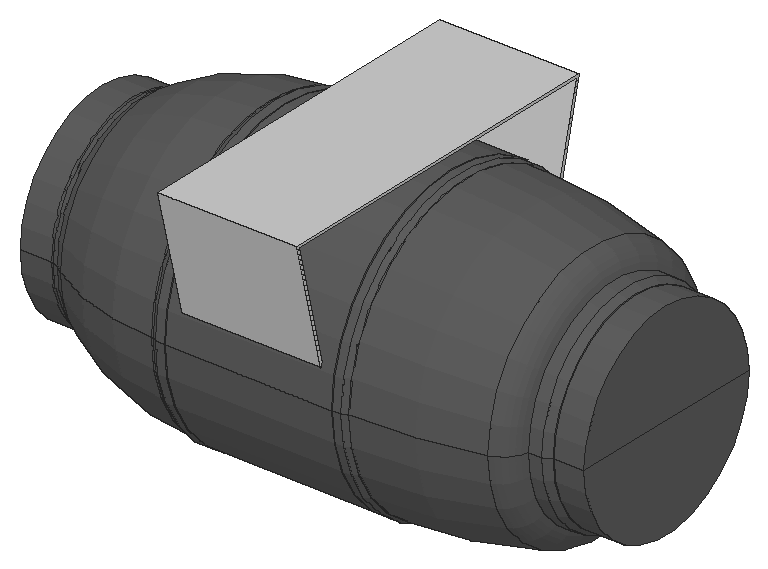
Revit family "AVS 200", category Mechanical Equipment, Revit 2023
Family settings
  Round Connector Dimension = Use Diameter
  Classification = None
  Part Type = Breaks Into
  OmniClass Number = 23.75.35.17.11
  OmniClass Title = Fans for Air Ductwork
  Work Plane-Based = No
  Always vertical = No
  Cut with Voids When Loaded = No
  Maintain Annotation Orientation = No
  Shared = No
  Room Calculation Point = No
Parameters (values of type "Aventa Silent AVS200")
  Weight = 8.00 kg
  Voltage = 230 V
  URL = "https://www.airflow.com/"
  Type Comments = "Inline fan single speed up to 1020m3/h"
  Transported Air Temperature (°C) = "-25...+60"
  RPM (min-1) = 2445
  R1 = D1 / 2  # 146.5 mm
  Protection rating = "IPX4"
  Power Factor = 1
  Number of Poles = 1
  Noise Level at 3 m (dBa) = 36
  Mounting Hanger [instance] = yes
  Maintenance Zone Length Calc = if(Maintenance Zone Length < L, L, Maintenance Zone Length)  # 600 mm
  L27 = 9 mm
  L26 = 6 mm
  L25 = L21 - L22 - L23 - L24 - L26 - L27  # 122 mm
  L24 = 21 mm
  L21 = 179 mm
  L17 = 9 mm
  L16 = 6 mm
  L15 = L11 - L12 - L13 - L14 - L16 - L17  # 116 mm
  L14 = 10 mm
  L11 = 148 mm
  HangerW = 135 mm
  HangerL1 = 275 mm
  HangerL = 344 mm
  HangerH = HangerBaseH  # 149 mm
  HangerExtraL = no
  HangerBaseH = 149 mm
  Model = "Aventa Silent AVS200"
  Manufacturer = "Vents"
  Maintenance Zone Width = 600 mm
  Maintenance Zone Material = Maintenance Zone
  Maintenance Zone Length = 600 mm
  Maintenance Zone Height = 600 mm
  Maintenance Zone [instance] = no
  Load Classification = HVAC
  L23 = 13 mm
  L22 = 8 mm
  L2 = 30 mm
  L13 = 4 mm
  L12 = 3 mm
  L1 = 30 mm
  L = 550 mm
  Hanger Material = Metal Zinc
  Flow direction symbol [instance] = yes
  Flow Factor [instance] = 1  # constant formula
  Family Version = "1.0"  # constant formula
  ElBoxW = 104 mm
  ElBoxR = 15 mm  # constant formula
  ElBoxL = 104 mm
  ElBoxH = 53 mm
  Distribution Box Material = Distribution Box Dark Grey
  Description = "Inline mixed-flow fan suitable for domestic and light commercial facilities"
  Default Elevation = 0 mm
  Dd26 = 44 mm
  Dd24 = 27 mm
  Dd22 = 4 mm
  Dd23 = 5 mm
  Dd16 = 44 mm
  Dd14 = 9 mm
  Dd13 = 2 mm
  Dd12 = 1 mm
  D1 = 293 mm
  D = 200 mm
  Copyright = "©Airflow"
  Duct Connection Size = 200 mm
  Fan Material = Metal Black
  Maximum Air Flow = 1020 m³/h
  Air Flow [instance] = 0 m³/h
  Power = 110 W
  Current = 0.49 A
  Apparent Power = Power / Power Factor  # 110 VA
Types (6, lengths in mm): name | Weight | URL | Type Comments | RPM (min-1) | R1 | Noise Level at 3 m (dBa) | Maintenance Zone Length Calc | L27 | L25 | L24 | L21 | L17 | L15 | L11 | HangerW | HangerL1 | HangerL | HangerH | HangerBaseH | Model | L2 | L13 | L12 | L1 | L | Description | Dd26 | Dd24 | Dd22 | Dd23 | Dd16 | Dd14 | D1 | D | Copyright | Duct Connection Size | Maximum Air Flow | Power | Current | Apparent Power
  TT Silent-M 200 (min) | 8.00 kg | "https://ventilation-system.com/product/tt-silentm-200" | "Inline mixed-flow fan TT Silent-M 200" | 2015 | 146.5 | 31 | 600 | 9 | 122 | 21 | 179 | 9 | 116 | 148 | 135 | 275 | 344 | 149 | 149 | "TT Silent-M 200" | 30 | 4 | 3 | 30 | 550 | "Inline mixed-flow fan in sound- and heat-insulated casing for round ducts" | 44 | 27 | 4 | 5 | 44 | 9 | 293 | 200 | "©Vents" | 200 | 810 m³/h | 78 W | 0.35 A | 78 VA
  Aventa Silent AVS200 | 8.00 kg | "https://www.airflow.com/" | "Inline fan single speed up to 1020m3/h" | 2445 | 146.5 | 36 | 600 | 9 | 122 | 21 | 179 | 9 | 116 | 148 | 135 | 275 | 344 | 149 | 149 | "Aventa Silent AVS200" | 30 | 4 | 3 | 30 | 550 | "Inline mixed-flow fan suitable for domestic and light commercial facilities" | 44 | 27 | 4 | 5 | 44 | 9 | 293 | 200 | "©Airflow" | 200 | 1020 m³/h | 110 W | 0.49 A | 110 VA
  TT Silent-M 250 (min) | 15.00 kg | "https://ventilation-system.com/product/tt-silentm-250" | "Inline mixed-flow fan TT Silent-M 250" | 1955 | 179 | 34 | 658 | 9 | 159 | 23 | 218 | 9 | 144 | 176 | 150 | 332 | 402 | 182 | 182 | "TT Silent-M 250" | 32 | 4 | 3 | 32 | 658 | "Inline mixed-flow fan in sound- and heat-insulated casing for round ducts" | 52 | 30 | 5 | 6 | 52 | 6 | 358 | 250 | "©Vents" | 250 | 1110 m³/h | 125 W | 0.54 A | 125 VA
  TT Silent-M 250 (max) | 15.00 kg | "https://ventilation-system.com/product/tt-silentm-250" | "Inline mixed-flow fan TT Silent-M 250" | 2440 | 179 | 38 | 658 | 9 | 159 | 23 | 218 | 9 | 144 | 176 | 150 | 332 | 402 | 182 | 182 | "TT Silent-M 250" | 32 | 4 | 3 | 32 | 658 | "Inline mixed-flow fan in sound- and heat-insulated casing for round ducts" | 52 | 30 | 5 | 6 | 52 | 6 | 358 | 250 | "©Vents" | 250 | 1400 m³/h | 177 W | 0.79 A | 177 VA
  TT Silent-M 315 (min) | 25.00 kg | "https://ventilation-system.com/product/tt-silentm-315" | "Inline mixed-flow fan TT Silent-M 315" | 1890 | 216 | 36 | 780 | 10 | 154 | 27 | 218 | 10 | 153 | 195 | 200 | 396 | 478 | 219 | 219 | "TT Silent-M 315" | 32 | 8 | 8 | 32 | 780 | "Inline mixed-flow fan in sound- and heat-insulated casing for round ducts" | 52 | 30 | 5 | 6 | 55 | 6 | 432 | 315 | "©Vents" | 315 | 1570 m³/h | 230 W | 1 A | 230 VA
  TT Silent-M 315 (max) | 25.00 kg | "https://ventilation-system.com/product/tt-silentm-315" | "Inline mixed-flow fan TT Silent-M 315" | 2430 | 216 | 40 | 780 | 10 | 154 | 27 | 218 | 10 | 153 | 195 | 200 | 396 | 478 | 219 | 219 | "TT Silent-M 315" | 32 | 8 | 8 | 32 | 780 | "Inline mixed-flow fan in sound- and heat-insulated casing for round ducts" | 52 | 30 | 5 | 6 | 55 | 6 | 432 | 315 | "©Vents" | 315 | 2050 m³/h | 320 W | 1.42 A | 320 VA
Reference planes
  plane 1 "Center (Front/Back)": y = 0
  plane 2: z = 0
  plane 3 "Center (Left/Right)": x = 0
  plane 4: y = 100
  plane 5: y = -100
  plane 6: y = 146.5
  plane 7: y = -146.5
  plane 8: x = 550
  plane 9 "C": x = 341
  plane 10: x = 178
  plane 11 "CenterL": x = 275
  plane 12: x = 30
  plane 13: x = 169
  plane 14: y = 101
  plane 15 "CenterOfCentralPart": x = 259.5
  plane 16 "ElBoxHeight": z = -53
  plane 17 "HangerHeight": z = 149
  plane 18: y = 102
  plane 19: y = 109
  plane 20: x = 47
  plane 21: x = 37
  plane 22: x = 33
  plane 23: x = 163
  plane 24: y = 144
  plane 25: x = 164
  plane 26: x = 350
  plane 27: y = 104
  plane 28: y = 105
  plane 29: y = 127
  plane 30: x = 478
  plane 31: x = 499
  plane 32: x = 512
  plane 33: x = 356
  plane 34: y = 144
  plane 35: x = 355
  plane 36: x = 520
Forms (mm)
  Revolve 1, solid, material "Metal Black" <- "Fan Material", detail levels medium+fine
    sketch origin (368, 0, 0) x (1, 0, 0) y (0, 1, 0)
      loop
        line (-338, 0) -> (-190, 0) -> (-190, 146.5) -> (-199, 146.5) -> (-204, 144) -> (-205, 144)
        arc (-205, 144) -> (-265.583, 135.059) -> (-321, 109) r 209.729
        arc (-321, 109) -> (-326.027, 105.538) -> (-331, 102) r 402.771
        line (-331, 102) -> (-335, 101) -> (-338, 100) -> (-338, 0)
      axis (-190, 0) -> (-338, 0)
    angle from 0 to 360
  Revolve 2, solid, material "Metal Black" <- "Fan Material", detail levels medium+fine
    sketch origin (368, 0, 0) x (1, 0, 0) y (0, 1, 0)
      loop
        line (152, 100) -> (152, 0) -> (182, 0) -> (182, 100) -> (152, 100)
      axis (182, 0) -> (152, 0)
    angle from 0 to 360
  Revolve 3, solid, material "Metal Black" <- "Fan Material", detail levels medium+fine
    sketch origin (368, 0, 0) x (1, 0, 0) y (0, 1, 0)
      loop
        line (-368, 100) -> (-368, 0) -> (-338, 0) -> (-338, 100) -> (-368, 100)
      axis (-338, 0) -> (-368, 0)
    angle from 0 to 360
  Revolve 4, solid, material "Metal Black" <- "Fan Material", detail levels medium+fine
    sketch origin (0, 0, 0) x (1, 0, 0) y (0, 1, 0)
      loop
        line (178, 146.5) -> (178, 0) -> (341, 0) -> (341, 146.5) -> (178, 146.5)
      axis (178, 0) -> (341, 0)
    angle from 0 to 360
  Revolve 5, solid, material "Metal Black" <- "Fan Material", detail levels medium+fine
    sketch origin (117, 0, 0) x (-1, 0, 0) y (0, 1, 0)
      loop
        line (-403, 0) -> (-224, 0) -> (-224, 146.5) -> (-233, 146.5) -> (-238, 144) -> (-239, 144)
        arc (-239, 144) -> (-300.589, 139.73) -> (-361, 127) r 446.265
        arc (-361, 127) -> (-374.496, 118.859) -> (-382, 105) r 29.992
        line (-382, 105) -> (-395, 104) -> (-403, 100) -> (-403, 0)
      axis (-224, 0) -> (-403, 0)
    angle from 0 to 360
Cuts and joins
  joined: Revolve 1, Revolve 3
Dimensions and locks
  equal spacing: plane 4, plane 1 "Center (Front/Back)", plane 5
  "D": plane 4 to plane 5
  equal spacing: plane 7, plane 1 "Center (Front/Back)", plane 6
  "D1": plane 6 to plane 7
  "L": plane 3 "Center (Left/Right)" to plane 8
  equal spacing: plane 3 "Center (Left/Right)", plane 11 "CenterL", plane 8
  "L1": plane 3 "Center (Left/Right)" to plane 12
  "Dd12": plane 14 to plane 4
  equal spacing: plane 10, plane 15 "CenterOfCentralPart", plane 9 "C"
  "ElBoxH": level to plane 16 "ElBoxHeight"
  "HangerBaseH": plane 17 "HangerHeight" to level
  "Dd13": plane 18 to plane 4
  "Dd14": plane 19 to plane 4
  "L11": plane 12 to plane 10
  "L12": plane 12 to plane 22
  "L13": plane 22 to plane 21
  "L14": plane 21 to plane 20
  "L17": plane 13 to plane 10
  "L16": plane 23 to plane 13
  "Dd16": plane 24 to plane 4
  locked: plane 23 to plane 25 at 1
  "L23": plane 32 to plane 31
  "L24": plane 31 to plane 30
  "L26": plane 33 to plane 26
  locked: plane 33 to plane 35 at 1
  "L2": plane 36 to plane 8
  "L21": plane 9 "C" to plane 36
  "L22": plane 32 to plane 36
  "L27": plane 9 "C" to plane 26
  "Dd22": plane 27 to plane 4
  "Dd23": plane 28 to plane 4
  "Dd24": plane 29 to plane 4
  "Dd26": plane 34 to plane 4
  locked: plane 15 "CenterOfCentralPart" to nested 6
  aligned and locked: level to plane 2
  aligned and locked: Revolve 2 sketch curve to plane 4
  aligned and locked: Revolve 2 sketch curve to plane 8
  aligned and locked: Revolve 2 sketch curve to plane 1 "Center (Front/Back)"
  aligned and locked: Revolve 3 sketch curve to plane 4
  aligned and locked: Revolve 3 sketch curve to plane 1 "Center (Front/Back)"
  aligned and locked: plane 3 "Center (Left/Right)" to Revolve 3 sketch curve
  aligned and locked: plane 1 "Center (Front/Back)" to nested 1
  aligned and locked: nested 2 to level
  aligned and locked: plane 1 "Center (Front/Back)" to nested 3
  aligned and locked: nested 3 to plane 3 "Center (Left/Right)"
  aligned and locked: plane 1 "Center (Front/Back)" to nested 4
  aligned and locked: Revolve 4 sketch curve to plane 6
  aligned and locked: Revolve 4 sketch curve to nested 4
  aligned and locked: Revolve 4 sketch curve to Revolve 4 sketch curve  (x2)
  aligned and locked: plane 11 "CenterL" to nested 4
  aligned and locked: Revolve 4 sketch curve to plane 9 "C"
  aligned and locked: plane 15 "CenterOfCentralPart" to nested 1
  aligned and locked: plane 15 "CenterOfCentralPart" to nested 2
  aligned and locked: nested 5 to plane 1 "Center (Front/Back)"
  aligned and locked: plane 15 "CenterOfCentralPart" to nested 5
  aligned and locked: Revolve 1 sketch curve to plane 1 "Center (Front/Back)"
  aligned and locked: plane 4 to Revolve 1 sketch curve
  aligned and locked: plane 1 "Center (Front/Back)" to Revolve 1 sketch curve
  aligned and locked: Revolve 1 sketch curve to plane 6
  aligned and locked: plane 25 to Revolve 1 sketch curve
  aligned and locked: plane 24 to Revolve 1 sketch curve
  aligned and locked: Revolve 5 sketch curve to plane 35
  aligned and locked: Revolve 5 sketch curve to plane 34
  aligned and locked: Revolve 2 to plane 36
Automatic sketch dimensions
  plane 1 "Center (Front/Back)" to Revolve 2 sketch curve = 0 mm
  Revolve 2 sketch curve to plane 8 = 30 mm
  Revolve 2 sketch curve to plane 3 "Center (Left/Right)" = 1632 mm
  Revolve 2 sketch curve to Revolve 2 sketch curve = 2138 mm
  plane 1 "Center (Front/Back)" to Revolve 3 sketch curve = 0 mm
  Revolve 3 sketch curve to plane 12 = 0 mm
  Revolve 3 sketch curve to plane 3 "Center (Left/Right)" = 1646 mm
  plane 8 to Revolve 3 sketch curve = 2149 mm
  Revolve 4 sketch curve to plane 10 = 0 mm
  Revolve 4 sketch curve to plane 11 "CenterL" = 0 mm
  Revolve 1 sketch curve to plane 12 = 0 mm
  Revolve 1 sketch curve to plane 14 = 0 mm
  Revolve 1 sketch curve to plane 22 = 0 mm
  Revolve 1 sketch curve to plane 18 = 0 mm
  Revolve 1 sketch curve to plane 21 = 0 mm
  Revolve 1 sketch curve to plane 19 = 0 mm
  Revolve 1 sketch curve to plane 20 = 0 mm
  Revolve 1 sketch curve to plane 23 = 0 mm
  Revolve 1 sketch curve to plane 13 = 0 mm
  Revolve 1 sketch curve to plane 10 = 0 mm
  Revolve 1 sketch curve to plane 11 "CenterL" = 2.053 mm
  Revolve 1 sketch curve to plane 3 "Center (Left/Right)" = 2000 mm
  plane 8 to Revolve 1 sketch curve = 1495 mm
  plane 1 "Center (Front/Back)" to Revolve 5 sketch curve = 0 mm  (x2)
  Revolve 5 sketch curve to plane 36 = 0 mm
  Revolve 5 sketch curve to plane 27 = 0 mm
  Revolve 5 sketch curve to plane 32 = 0 mm
  Revolve 5 sketch curve to plane 28 = 0 mm
  Revolve 5 sketch curve to plane 31 = 0 mm
  Revolve 5 sketch curve to plane 29 = 0 mm  (x2)
  Revolve 5 sketch curve to plane 30 = 0 mm
  Revolve 5 sketch curve to plane 33 = 0 mm
  Revolve 5 sketch curve to plane 6 = 0 mm
  Revolve 5 sketch curve to plane 26 = 0 mm
  Revolve 5 sketch curve to plane 9 "C" = 0 mm
  Revolve 5 sketch curve to plane 4 = 0 mm
  Revolve 5 sketch curve to plane 8 = 1980 mm
  plane 3 "Center (Left/Right)" to Revolve 5 sketch curve = 1515 mm
Nested families
  nested 1: "GraphicalSymbol_Fun_FlowDirection" at (259.5, 0, 0), visible <- "Flow direction symbol", type "GraphicalSymbol_Fun_FlowDirection", detail levels medium+fine
    with Length 50 mm, Height 50 mm, B 25 mm, A 16.667 mm
  nested 2: "GraphicalSymbol_Fun_FlowDirection" at (259.5, 0, 0) x (1, 0, 0) z (0, -1, 0), type "GraphicalSymbol_Fun_FlowDirection"
    with Length 50 mm, Height 50 mm, B 25 mm, A 16.667 mm
  nested 3: "GraphicalSymbol_Fan_1" at (275, 0, 0), type "GraphicalSymbol_Fan_1", detail levels coarse
    with Diameter 550 mm, A 137.5 mm
  nested 4: "MaintenanceZone_Rect" at (275, 0, 0), visible <- "Maintenance Zone", type "MaintenanceZone_Rect", detail levels medium+fine
    with Maintenance Zone Width 600 mm, Maintenance Zone Length 600 mm, Maintenance Zone Height 600 mm
  nested 5: "MountingHanger" at (259.5, 0, 149) x (0, 1, 0) z (0, 0, -1), visible <- "Mounting Hanger", type "MountingHanger", detail levels medium+fine
    with Width1 108 mm, Width 135 mm, Length2 384 mm, Length 344 mm, Lenght1Calc 275 mm, Length1 275 mm, Height 149 mm
  nested 6: "DistributionBox" at (259.5, -158.992, 96.59) x (1, 0, 0) z (0, -0.9706, -0.2409), type "DistributionBox", not visible, detail levels medium+fine
    with Hcon 26.5 mm, H1 53 mm, ConD 20 mm, ConB 26 mm, ConA 26 mm, B 104 mm, A 104 mm
Connectors
  hvac at (0, 0, 0), driven by "Duct Connection Size", driven by "Air Flow"
    settings: on cut or joined group of Revolve 1, Revolve 3, index 4, duct flow 0 m³/h, flow factor 0, pres drop 0.0 Pa, loss coef 0, conn angle 0.00°, conn width 304.8 mm, conn height 304.8 mm, conn diameter 200 mm, duct sys type 29, conn prof type 0, flow config 0, flow direction 0, loss method 0, conn ref index 5, conn util no, is conn primary yes, conn desc ""
  hvac at (550, 0, 0), driven by "Duct Connection Size"
    settings: on Revolve 2, index 5, duct flow 0 m³/h, flow factor 0, pres drop 0.0 Pa, loss coef 0, conn angle 0.00°, conn width 304.8 mm, conn height 304.8 mm, conn diameter 200 mm, duct sys type 28, conn prof type 0, flow config 0, flow direction 0, loss method 0, conn ref index 4, conn util no, is conn primary no, conn desc ""
  electrical at (259.5, -197.238, 140.675), driven by "Number of Poles", driven by "Load Classification", driven by "Voltage", driven by "Apparent Power", driven by "Power Factor"
    settings: on nested 6, index 7, voltage 230 V, apparent load 110 VA, apparent load phase1 0 VA, apparent load phase2 0 VA, apparent load phase3 0 VA, power factor 1, load classification "HVAC", number of poles 1, system type 30, power factor state 1, is connector primary yes, connector utility no, sub classification motor no, connector description ""
Definition of nested family "MaintenanceZone_Rect"
  Parameters (values of type "MaintenanceZone_Rect")
    Maintenance Zone Width = 500 mm
    Material = none
    Maintenance Zone Length = 1000 mm
    Maintenance Zone Height = 300 mm
    Family Version = ""
    Default Elevation = 1219.2 mm
    Copyright = ""
  Reference planes
    plane 1 "Center (Front/Back)": y = 0
    plane 2: z = 0
    plane 3 "Center (Left/Right)": x = 0
    plane 4: x = -500
    plane 5: x = 500
    plane 6: y = 250
    plane 7: y = -250
    plane 8: z = -300
  Forms (mm)
    Extrusion 1, solid, material <- "Material", detail levels medium+fine
      sketch origin (0, 0, 0) x (1, 0, 0) y (0, 1, 0)
        loop
          line (-500, 250) -> (-500, -250) -> (500, -250) -> (500, 250) -> (-500, 250)
      from 0 to -300
  Lines and regions (mm)
    symbolic lines, detail levels medium+fine
      curve 1: line (-500, 0, 0) -> (500, 0, 0)
      curve 2: line (-500, 0, -300) -> (-500, 0, 0)
      curve 3: line (500, 0, -300) -> (-500, 0, -300)
      curve 4: line (500, 0, 0) -> (500, 0, -300)
      curve 5: line (0, 250, 0) -> (0, -250, 0)
      curve 6: line (0, 250, -300) -> (0, 250, 0)
      curve 7: line (0, -250, -300) -> (0, 250, -300)
      curve 8: line (0, -250, 0) -> (0, -250, -300)
      curve 9: line (-500, 250, 0) -> (500, 250, 0)
      curve 10: line (-500, -250, 0) -> (-500, 250, 0)
      curve 11: line (500, -250, 0) -> (-500, -250, 0)
      curve 12: line (500, 250, 0) -> (500, -250, 0)
  Dimensions and locks
    equal spacing: plane 6, plane 1 "Center (Front/Back)", plane 7
    equal spacing: plane 4, plane 3 "Center (Left/Right)", plane 5
    "Maintenance Zone Width": plane 6 to plane 7
    "Maintenance Zone Length": plane 4 to plane 5
    "Maintenance Zone Height": plane 2 to plane 8
    aligned and locked: level to plane 2
    aligned and locked: Extrusion 1 sketch curve to plane 6
    aligned and locked: plane 4 to Extrusion 1 sketch curve
    aligned and locked: plane 7 to Extrusion 1 sketch curve
    aligned and locked: Extrusion 1 sketch curve to plane 5
    aligned and locked: Extrusion 1 to plane 8
    aligned and locked: curve 1 to Extrusion 1
    aligned and locked: curve 2 to Extrusion 1
    aligned and locked: curve 3 to Extrusion 1
    aligned and locked: curve 4 to Extrusion 1
    aligned and locked: curve 5 to Extrusion 1
    aligned and locked: curve 6 to Extrusion 1
    aligned and locked: curve 7 to Extrusion 1
    aligned and locked: curve 8 to Extrusion 1
    aligned and locked: curve 9 to Extrusion 1
    aligned and locked: curve 10 to Extrusion 1
    aligned and locked: curve 11 to Extrusion 1
    aligned and locked: curve 12 to Extrusion 1
Definition of nested family "MountingHanger"
  Parameters (values of type "MountingHanger")
    Width1 = Width * 0.8  # 160 mm
    Width = 200 mm
    Thikness = 2 mm
    Material = none
    Length2 = Length + 20 mm * 2  # 518 mm
    Length = 478 mm
    Lenght1Calc = if(Length1 = Length, Length - 0.5 mm, Length1)  # 396 mm
    Length1 = 396 mm
    Height1 = 10 mm
    Height = 219 mm
    ExtraLength = no
    Default Elevation = 1219.2 mm
  Reference planes
    plane 1 "Center (Front/Back)": y = 0
    plane 2: z = 0
    plane 3 "Center (Left/Right)": x = 0
    plane 4: x = -239
    plane 5: x = 239
    plane 6: y = 100
    plane 7: y = -100
    plane 8: z = 219
    plane 9: x = -198
    plane 10: x = 198
    plane 11: z = 209
    plane 12: y = 80
    plane 13: y = -80
    plane 14: x = -259
    plane 15: x = 259
    plane 16: x = -239
    plane 17: x = 239
  Forms (mm)
    Extrusion 1, solid, material <- "Material"
      sketch origin (0, 0, 0) x (1, 0, 0) y (0, 0, 1)
        loop
          line (-198, 209) -> (-239, 0) -> (239, 0) -> (198, 209) -> (198, 219) -> (196, 219) -> (196, 208.806) -> (236.57, 2) -> (-236.57, 2) -> (-196, 208.806) -> (-196, 219) -> (-198, 219) -> (-198, 209)
      from -100 to 100
    Extrusion 2, solid, material <- "Material", visible <- "ExtraLength"
      sketch origin (0, 0, 0) x (1, 0, 0) y (0, 1, 0)
        loop
          line (-259, 80) -> (-259, -80) -> (-239, -80) -> (-239, 80) -> (-259, 80)
        loop
          line (239, 80) -> (239, -80) -> (259, -80) -> (259, 80) -> (239, 80)
      from 0 to 2
  Dimensions and locks
    equal spacing: plane 4, plane 3 "Center (Left/Right)", plane 5
    "Length": plane 4 to plane 5
    plane 8 to level = 219 mm
    equal spacing: plane 6, plane 1 "Center (Front/Back)", plane 7
    "Width": plane 6 to plane 7
    "Height": plane 8 to level
    "Thikness": Extrusion 1 sketch curve to level
    "Thikness": Extrusion 1 sketch curve to Extrusion 1 sketch curve  (x2)
    "Thikness": Extrusion 1 sketch curve to plane 9
    "Thikness": plane 10 to Extrusion 1 sketch curve
    equal spacing: plane 9, plane 3 "Center (Left/Right)", plane 10
    "Lenght1Calc": plane 9 to plane 10
    "Height1": plane 8 to plane 11
    equal spacing: plane 12, plane 1 "Center (Front/Back)", plane 13
    "Width1": plane 12 to plane 13
    equal spacing: plane 14, plane 3 "Center (Left/Right)", plane 15
    "Length2": plane 14 to plane 15
    "Thikness": Extrusion 2 to level
    equal spacing: plane 16, plane 3 "Center (Left/Right)", plane 17
    "Length": plane 16 to plane 17
    aligned and locked: level to plane 2
    aligned and locked: plane 6 to Extrusion 1
    aligned and locked: Extrusion 1 to plane 7
    aligned and locked: plane 9 to Extrusion 1 sketch curve
    aligned and locked: plane 10 to Extrusion 1 sketch curve
    aligned and locked: Extrusion 2 sketch curve to plane 12  (x2)
    aligned and locked: plane 14 to Extrusion 2 sketch curve
    aligned and locked: plane 13 to Extrusion 2 sketch curve  (x2)
    aligned and locked: Extrusion 2 sketch curve to plane 16
    aligned and locked: plane 17 to Extrusion 2 sketch curve
    aligned and locked: Extrusion 2 sketch curve to plane 15
  Automatic sketch dimensions
    Extrusion 1 sketch curve to level = 0 mm
    Extrusion 1 sketch curve to plane 4 = 0 mm
    Extrusion 1 sketch curve to plane 5 = 0 mm
    Extrusion 1 sketch curve to plane 11 = 0 mm  (x2)
    Extrusion 1 sketch curve to plane 8 = 0 mm  (x2)
Definition of nested family "DistributionBox"
  Parameters (values of type "DistributionBox")
    Hcover = 10 mm
    Hcon = H1 / 2  # 12.5 mm
    H1 = 25 mm
    Distribution Box Material = none
    Default Elevation = 1219.2 mm
    ConD = 12 mm
    ConB = B / 4  # 12.5 mm
    ConA = A / 4  # 12.5 mm
    B = A  # 50 mm
    A = 50 mm
  Reference planes
    plane 1 "Center (Front/Back)": y = 0
    plane 2: z = 0
    plane 3 "Center (Left/Right)": x = 0
    plane 4: x = -25
    plane 5: x = 25
    plane 6 "Back": y = 25
    plane 7 "Front": y = -25
    plane 8: z = 25
    plane 9: z = 35
    plane 10: x = -12.5
    plane 11: x = 12.5
    plane 12: y = 12.5
    plane 13: y = -12.5
    plane 14: z = 12.5
  Forms (mm)
    Extrusion 1, solid, material <- "Distribution Box Material"
      sketch origin (0, 0, 0) x (1, 0, 0) y (0, 1, 0)
        loop
          arc (-22, 25) -> (-24.121, 24.121) -> (-25, 22) r 3
          line (-25, 22) -> (-25, -22)
          arc (-25, -22) -> (-24.121, -24.121) -> (-22, -25) r 3
          line (-22, -25) -> (22, -25)
          arc (22, -25) -> (24.121, -24.121) -> (25, -22) r 3
          line (25, -22) -> (25, 22)
          arc (25, 22) -> (24.121, 24.121) -> (22, 25) r 3
          line (22, 25) -> (-22, 25)
      from 0 to 25
    Extrusion 2, solid, material <- "Distribution Box Material"
      sketch origin (0, 0, 0) x (1, 0, 0) y (0, 1, 0)
        loop
          arc (-22, 25) -> (-24.121, 24.121) -> (-25, 22) r 3
          line (-25, 22) -> (-25, -22)
          arc (-25, -22) -> (-24.121, -24.121) -> (-22, -25) r 3
          line (-22, -25) -> (22, -25)
          arc (22, -25) -> (24.121, -24.121) -> (25, -22) r 3
          line (25, -22) -> (25, 22)
          arc (25, 22) -> (24.121, 24.121) -> (22, 25) r 3
          line (22, 25) -> (-22, 25)
      from 25 to 35
    Extrusion 3, void
      sketch origin (-568.953, -25, 1200) x (1, 0, 0) y (0, 0, 1)
        loop
          circle (556.453, -1187.5) r 6
        loop
          circle (581.453, -1187.5) r 6
      from -2.025 to 0
    Extrusion 4, void
      sketch origin (0, 25, 0) x (-1, 0, 0) y (0, 0, 1)
        loop
          circle (-12.5, 12.5) r 6
        loop
          circle (12.5, 12.5) r 6
      from 0 to -2
  Cuts and joins
    Extrusion 3, Extrusion 4 cuts Extrusion 1
    Extrusion 3 cuts Extrusion 2
  Dimensions and locks
    equal spacing: plane 6 "Back", plane 1 "Center (Front/Back)", plane 7 "Front"
    equal spacing: plane 4, plane 3 "Center (Left/Right)", plane 5
    "A": plane 6 "Back" to plane 7 "Front"
    "B": plane 4 to plane 5
    "H1": level to plane 8
    "Hcover": plane 8 to plane 9
    "ConA": plane 1 "Center (Front/Back)" to plane 12
    "ConA": plane 13 to plane 1 "Center (Front/Back)"
    "ConB": plane 10 to plane 3 "Center (Left/Right)"
    "ConB": plane 3 "Center (Left/Right)" to plane 11
    "Hcon": plane 14 to level
    "ConD": diameter of Extrusion 3 sketch curve  (x2)
    "ConD": diameter of Extrusion 4 sketch curve  (x2)
    aligned and locked: level to plane 2
    aligned and locked: Extrusion 1 sketch curve to plane 6 "Back"
    aligned and locked: plane 4 to Extrusion 1 sketch curve
    aligned and locked: plane 7 "Front" to Extrusion 1 sketch curve
    aligned and locked: Extrusion 1 sketch curve to plane 5
    aligned and locked: plane 8 to Extrusion 1
    aligned and locked: plane 4 to Extrusion 2 sketch curve
    aligned and locked: Extrusion 2 sketch curve to plane 5
    aligned and locked: Extrusion 2 sketch curve to plane 6 "Back"
    aligned and locked: plane 7 "Front" to Extrusion 2 sketch curve
    aligned and locked: Extrusion 2 to plane 8
    aligned and locked: plane 9 to Extrusion 2
  Automatic sketch dimensions
    Extrusion 1 sketch curve to Extrusion 1 sketch curve = 3 mm  (x2)
    Extrusion 1 sketch curve to plane 5 = 3 mm  (x2)
    plane 4 to Extrusion 2 sketch curve = 3 mm
    Extrusion 2 sketch curve to Extrusion 2 sketch curve = 3 mm
    Extrusion 2 sketch curve to plane 5 = 3 mm  (x2)
    Extrusion 3 sketch curve to plane 10 = 0 mm
    Extrusion 3 sketch curve to plane 11 = 0 mm
    Extrusion 3 sketch curve to plane 14 = 0 mm  (x2)
    Extrusion 4 sketch curve to plane 11 = 0 mm
    Extrusion 4 sketch curve to plane 10 = 0 mm
    Extrusion 4 sketch curve to plane 14 = 0 mm  (x2)
Definition of nested family "GraphicalSymbol_Fun_FlowDirection"
  Parameters (values of type "GraphicalSymbol_Fun_FlowDirection")
    Length = 100 mm
    Height = Length  # 100 mm
    B = Length / 2  # 50 mm
    A = Length / 3  # 33.333 mm
  Reference planes
    plane 1 "Center (Front/Back)": y = 0
    plane 2: z = 0
    plane 3 "Center (Left/Right)": x = 0
    plane 4: x = -33.333
    plane 5: x = 50
    plane 6: y = 50
    plane 7: y = -50
  Lines and regions (mm)
    detail lines, in view "Ref. Level"
      curve 1: line (-33.333, 50, 0) -> (-33.333, -50, 0)
      curve 2: line (50, 0, 0) -> (-33.333, -50, 0)
      curve 3: line (50, 0, 0) -> (-33.333, 50, 0)
  Dimensions and locks
    "A": plane 4 to plane 3 "Center (Left/Right)"
    "B": plane 3 "Center (Left/Right)" to plane 5
    equal spacing: plane 6, plane 1 "Center (Front/Back)", plane 7
    "Height": plane 6 to plane 7
    aligned and locked: curve 1 to plane 4
  Automatic sketch dimensions
    plane 1 "Center (Front/Back)" to curve 3 = 0 mm
    curve 3 to plane 5 = 0 mm
    curve 2 to plane 7 = 0 mm
    curve 3 to plane 6 = 0 mm
Definition of nested family "GraphicalSymbol_Fan_1"
  Parameters (values of type "GraphicalSymbol_Fan_1")
    Diameter = 100 mm
    Default Elevation = 1219.2 mm
    A = Diameter / 4  # 25 mm
  Reference planes
    plane 1 "Center (Front/Back)": y = 0
    plane 2: z = 0
    plane 3 "Center (Left/Right)": x = 0
    plane 4: x = -25
  Lines and regions (mm)
    model lines
      curve 1: circle (0, 0, 0) r 50 normal (0, 0, 1)
      curve 4: line (-25, 43.301, 0) -> (-25, -43.301, 0)
      curve 5: line (-25, 43.301, 0) -> (50, 0, 0)
      curve 6: line (-25, -43.301, 0) -> (50, 0, 0)
    reference lines
      curve 2: line (50, 141.389, 0) -> (50, -158.611, 0)
      curve 3: line (-50, 141.389, 0) -> (-50, -158.611, 0)
  Dimensions and locks
    equal spacing: curve 3, plane 3 "Center (Left/Right)", curve 2
    "Diameter": curve 3 to curve 2
    "A": plane 4 to plane 3 "Center (Left/Right)"
    "Diameter": diameter of curve 1
    aligned and locked: level to plane 2
  Automatic sketch dimensions
    curve 4 to plane 4 = 0 mm
    plane 1 "Center (Front/Back)" to curve 1 = 0 mm
    curve 1 to plane 3 "Center (Left/Right)" = 0 mm
    plane 1 "Center (Front/Back)" to curve 6 = 0 mm
    plane 1 "Center (Front/Back)" to curve 2 = 158.611 mm
    curve 3 to curve 2 = 0 mm  (x2)
    curve 3 to plane 1 "Center (Front/Back)" = 141.389 mm
